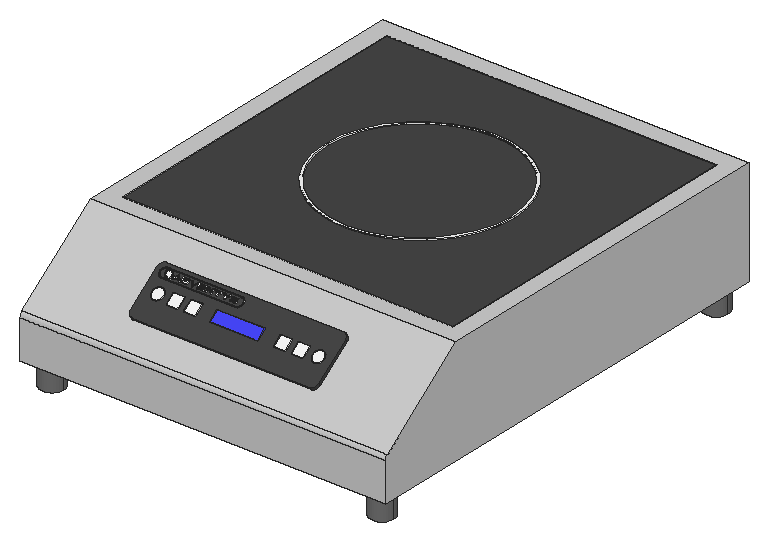
Revit family "QF_ADVENTYS_GLN_3000_250902082754", category Specialty Equipment, Revit 2021
Family settings
  Round Connector Dimension = Use Diameter
  Part Type = Normal
  OmniClass Number = 23.40.40.14
  OmniClass Title = Food Service Equipment
  Work Plane-Based = No
  Always vertical = Yes
  Cut with Voids When Loaded = No
  Shared = No
  Room Calculation Point = No
Parameters (values of type "ADV1869")
  Weight in Pounds [instance] = 0
  Weight = 4.40 kg
  Warranty Start Date [instance] = ""
  Warranty Duration [instance] = ""
  Volts [instance] = 230 V
  URL Recommended Spares List = ""
  URL Manufacturer = ""
  URL Cutsheet = ""
  URL Critical Spares List = ""
  URL = "www.adventys.com"
  Tag Number [instance] = ""
  Status [instance] = ""
  Specification by User [instance] = ""
  Specification by Manufacturer [instance] = ""
  Sound Level [instance] = ""
  Solid Fuel Type [instance] = ""
  Service Life Duration [instance] = ""
  Serial Number [instance] = ""
  Seismic Rating [instance] = ""
  SMACNA No [instance] = ""
  Revision Code [instance] = ""
  Revision [instance] = ""
  Production Year [instance] = ""
  Point Load [instance] = 0
  Phase [instance] = 1
  Other Equipment Approvals [instance] = ""
  Number of Poles [instance] = 2
  NAFEM Spec ID Number [instance] = ""
  Model Warning [instance] = ""
  Model = "GLN 3000"
  Min Ckt Ampacity [instance] = 0 A
  Max Overcurrent Protection [instance] = 16 A
  Masterspec [instance] = ""
  Manufacturer = "ADVENTYS"
  Length Actual = 310 mm
  Item Number [instance] = ""
  Installed By [instance] = ""
  Installation Date [instance] = ""
  Identify Quantity as Lot [instance] = no
  ID [instance] = ""
  Hygiene Approval [instance] = ""
  Hot Water Consumption = 0.0 L/s
  Height Actual = 110 mm
  HP power [instance] = ""
  Furnished By [instance] = ""
  Foodservice Equipment Identifier [instance] = no
  FL Amps [instance] = 13 A
  Electrical Remarks [instance] = ""
  Electric power [instance] = 0 W
  Electric Connection Type [instance] = ""
  Elec Conn RI Height [instance] = 0 mm
  Elec Conn Connection Height [instance] = 0 mm
  ETL Approved [instance] = no
  Description = "1 ZONE UNIT – FREESTANDING INDUCTION COOKING APPLIANCE-3000W"
  Depth Actual = 385 mm
  Default Elevation = 0 mm
  Cycle [instance] = 50 Hz
  Cost = 0
  Conn Plug [instance] = ""
  Conn Conduit [instance] = no
  CSI MasterFormat [instance] = ""
  CE Approved [instance] = no
  Barcode [instance] = 0
  Author [instance] = ""
  Asset Identifier [instance] = ""
  Apparent Power [instance] = 3000 VA
  Accessory = no
Reference planes
  plane 1 "Center (Front/Back)": y = 0
  plane 2: z = 0
  plane 3 "Center (Left/Right)": x = 0
Forms (mm)
  Extrusion 1, solid, not visible
    sketch origin (155.008, -15.001, 20.001) x (1, 0, 0) y (0, 1, 0)
      loop
        line (-2, 2) -> (-2, -2) -> (2, -2) -> (2, 2) -> (-2, 2)
    from -2 to 2
Dimensions and locks
  locked: nested 2 to Extrusion 1 at 2  (x2)
  aligned and locked: level to plane 2
Nested families
  nested 1: "QF_ADVENTYS_ADV1869_2916" at (0, 0, 0), type "ADV1869"
    with Status "", Show Logo yes, Show Clearance yes
  nested 2: "CONN_POINT_ELE_2D___Generic_Annotation" at (155.008, -15.001, 18.001), type "CONN_POINT_ELE_2D___Generic_Annotation"
    with Onboard connection annotation symbol visibility yes
Connectors
  electrical at (155.008, -15.001, 18.001), driven by "Apparent Power", driven by "Number of Poles", driven by "Volts"
    settings: on Extrusion 1, index 1, voltage 230 V, apparent load 0 VA, apparent load phase1 3000 VA, apparent load phase2 0 VA, apparent load phase3 0 VA, power factor 1, load classification "Other", number of poles 2, system type 31, power factor state 1, is connector primary yes, connector utility no, sub classification motor no, connector description "Electrical connection for GLN 3000"
Definition of nested family "QF_ADVENTYS_ADV1869_2916"
  Parameters (values of type "ADV1870")
    URL = "www.adventys.com"
    Status [instance] = ""
    Show Logo [instance] = yes
    Show Clearance [instance] = yes
    Model = "GLN 2500 PASTRY"
    Manufacturer = "ADVENTYS"
    Description = "1 ZONE UNIT – FREESTANDING INDUCTION COOKING APPLIANCE-2500W"
    Default Elevation = 0 mm
    Author = "SPECIFI"
    Assembly Code = "E1090320"
  Types (3, lengths in mm): name | Model | Description
    ADV1702 | "GLN 3500" | "1 ZONE UNIT – FREESTANDING INDUCTION COOKING APPLIANCE-3500W"
    ADV1870 | "GLN 2500 PASTRY" | "1 ZONE UNIT – FREESTANDING INDUCTION COOKING APPLIANCE-2500W"
    ADV1869 | "GLN 3000" | "1 ZONE UNIT – FREESTANDING INDUCTION COOKING APPLIANCE-3000W"
  Reference planes
    plane 1 "Back": y = 0
    plane 2: z = 0
    plane 3 "Left": x = 0
    plane 4 "Right": x = 310
    plane 5 "Front": y = -385
    plane 6 "Top": z = 110
    plane 7: x = 155
    plane 8: y = -155
  Forms (mm)
    Extrusion 1, solid
      sketch origin (0, 0, 0) x (1, 0, 0) y (0, 1, 0)
        loop
          line (0, 0) -> (0, -310) -> (310, -310) -> (310, 0) -> (0, 0)
        loop
          line (15, -15) -> (15, -295) -> (295, -295) -> (295, -15) -> (15, -15)
      from 20 to 110
    Extrusion 2, solid
      sketch origin (0, 0, 0) x (1, 0, 0) y (0, 1, 0)
        loop
          line (15, -15) -> (15, -295) -> (295, -295) -> (295, -15) -> (15, -15)
      from 101.726 to 110
    Extrusion 3, solid
      sketch origin (0, 0, -19.538) x (1, 0, 0) y (0, 1, 0)
        loop
          circle (155, -155) r 80
        loop
          circle (155, -155) r 78
      from 128 to 130
    Extrusion 4, solid
      sketch origin (0, 0, 0) x (0, 1, 0) y (0, 0, 1)
        loop
          line (-310, 20) -> (-310, 110) -> (-382.957, 56.498)
          arc (-382.957, 56.498) -> (-384.46, 54.726) -> (-385, 52.466) r 5
          line (-385, 52.466) -> (-385, 20) -> (-310, 20)
      from 0 to 310
    Extrusion 5, solid
      sketch origin (0, 0, -81.726) x (1, 0, 0) y (0, 1, 0)
        loop
          line (15, -15) -> (15, -295) -> (295, -295) -> (295, -15) -> (15, -15)
      from 101.726 to 110
    Extrusion 6, solid
      sketch origin (0, 0, 0) x (1, 0, 0) y (0, 1, 0)
        loop
          circle (15, -15) r 10
        loop
          circle (295, -15) r 10
        loop
          circle (295, -370) r 10
        loop
          circle (15, -370) r 10
      from 0 to 20
    Extrusion 7, solid
      sketch origin (-4.081, 0, 0) x (0, 1, 0) y (0, 0, 1)
        loop
          line (0, 97.125) -> (0, 91.484) -> (5.641, 91.484)
          arc (5.641, 91.484) -> (3.989, 95.473) -> (0, 97.125) r 5.641
        loop
          line (0, 79.125) -> (0, 73.484) -> (5.641, 73.484)
          arc (5.641, 73.484) -> (3.989, 77.473) -> (0, 79.125) r 5.641
        loop
          line (0, 61.125) -> (0, 55.484) -> (5.641, 55.484)
          arc (5.641, 55.484) -> (3.989, 59.473) -> (0, 61.125) r 5.641
        loop
          line (0, 43.125) -> (0, 37.484) -> (5.641, 37.484)
          arc (5.641, 37.484) -> (3.989, 41.473) -> (0, 43.125) r 5.641
      from 140.518 to 177.644
    Extrusion 8, solid
      sketch origin (53.045, 0, 0) x (0, 1, 0) y (0, 0, 1)
        loop
          line (0, 97.125) -> (0, 91.484) -> (5.641, 91.484)
          arc (5.641, 91.484) -> (3.989, 95.473) -> (0, 97.125) r 5.641
        loop
          line (0, 79.125) -> (0, 73.484) -> (5.641, 73.484)
          arc (5.641, 73.484) -> (3.989, 77.473) -> (0, 79.125) r 5.641
        loop
          line (0, 61.125) -> (0, 55.484) -> (5.641, 55.484)
          arc (5.641, 55.484) -> (3.989, 59.473) -> (0, 61.125) r 5.641
        loop
          line (0, 43.125) -> (0, 37.484) -> (5.641, 37.484)
          arc (5.641, 37.484) -> (3.989, 41.473) -> (0, 43.125) r 5.641
      from 140.518 to 177.644
    Extrusion 9, solid
      sketch origin (110.172, 0, 0) x (0, 1, 0) y (0, 0, 1)
        loop
          line (0, 97.125) -> (0, 91.484) -> (5.641, 91.484)
          arc (5.641, 91.484) -> (3.989, 95.473) -> (0, 97.125) r 5.641
        loop
          line (0, 79.125) -> (0, 73.484) -> (5.641, 73.484)
          arc (5.641, 73.484) -> (3.989, 77.473) -> (0, 79.125) r 5.641
        loop
          line (0, 61.125) -> (0, 55.484) -> (5.641, 55.484)
          arc (5.641, 55.484) -> (3.989, 59.473) -> (0, 61.125) r 5.641
        loop
          line (0, 43.125) -> (0, 37.484) -> (5.641, 37.484)
          arc (5.641, 37.484) -> (3.989, 41.473) -> (0, 43.125) r 5.641
      from 140.518 to 177.644
    Extrusion 10, solid
      sketch origin (256.955, 0, 0) x (0, 1, 0) y (0, 0, -1)
        loop
          arc (0, -97.125) -> (3.989, -95.473) -> (5.641, -91.484) r 5.641
          line (5.641, -91.484) -> (0, -91.484) -> (0, -97.125)
        loop
          arc (0, -79.125) -> (3.989, -77.473) -> (5.641, -73.484) r 5.641
          line (5.641, -73.484) -> (0, -73.484) -> (0, -79.125)
        loop
          arc (0, -61.125) -> (3.989, -59.473) -> (5.641, -55.484) r 5.641
          line (5.641, -55.484) -> (0, -55.484) -> (0, -61.125)
        loop
          arc (0, -43.125) -> (3.989, -41.473) -> (5.641, -37.484) r 5.641
          line (5.641, -37.484) -> (0, -37.484) -> (0, -43.125)
      from 140.518 to 177.644
    Extrusion 11, solid
      sketch origin (199.828, 0, 0) x (0, 1, 0) y (0, 0, -1)
        loop
          arc (0, -97.125) -> (3.989, -95.473) -> (5.641, -91.484) r 5.641
          line (5.641, -91.484) -> (0, -91.484) -> (0, -97.125)
        loop
          arc (0, -79.125) -> (3.989, -77.473) -> (5.641, -73.484) r 5.641
          line (5.641, -73.484) -> (0, -73.484) -> (0, -79.125)
        loop
          arc (0, -61.125) -> (3.989, -59.473) -> (5.641, -55.484) r 5.641
          line (5.641, -55.484) -> (0, -55.484) -> (0, -61.125)
        loop
          arc (0, -43.125) -> (3.989, -41.473) -> (5.641, -37.484) r 5.641
          line (5.641, -37.484) -> (0, -37.484) -> (0, -43.125)
      from 140.518 to 177.644
    Extrusion 12, solid
      sketch origin (0, 0, 0) x (1, 0, 0) y (0, 1, 0)
        loop
          circle (155, -15) r 10
      from 17.922 to 20
    Extrusion 13, solid
      sketch origin (0, 16.725, 172.268) x (1, 0, 0) y (0, 0.806405, 0.591364)
        loop
          arc (80, -323.032) -> (76.464, -324.496) -> (75, -328.032) r 5
          line (75, -328.032) -> (75, -363.032)
          arc (75, -363.032) -> (76.464, -366.568) -> (80, -368.032) r 5
          line (80, -368.032) -> (230, -368.032)
          arc (230, -368.032) -> (233.536, -366.568) -> (235, -363.032) r 5
          line (235, -363.032) -> (235, -328.032)
          arc (235, -328.032) -> (233.536, -324.496) -> (230, -323.032) r 5
          line (230, -323.032) -> (80, -323.032)
        loop
          circle (86.885, -345.532) r 5
        loop
          line (96.885, -341.532) -> (96.885, -349.532)
          arc (96.885, -349.532) -> (97.178, -350.239) -> (97.885, -350.532) r 1
          line (97.885, -350.532) -> (105.885, -350.532)
          arc (105.885, -350.532) -> (106.592, -350.239) -> (106.885, -349.532) r 1
          line (106.885, -349.532) -> (106.885, -341.532)
          arc (106.885, -341.532) -> (106.592, -340.825) -> (105.885, -340.532) r 1
          line (105.885, -340.532) -> (97.885, -340.532)
          arc (97.885, -340.532) -> (97.178, -340.825) -> (96.885, -341.532) r 1
        loop
          line (111.885, -341.532) -> (111.885, -349.532)
          arc (111.885, -349.532) -> (112.178, -350.239) -> (112.885, -350.532) r 1
          line (112.885, -350.532) -> (120.885, -350.532)
          arc (120.885, -350.532) -> (121.592, -350.239) -> (121.885, -349.532) r 1
          line (121.885, -349.532) -> (121.885, -341.532)
          arc (121.885, -341.532) -> (121.592, -340.825) -> (120.885, -340.532) r 1
          line (120.885, -340.532) -> (112.885, -340.532)
          arc (112.885, -340.532) -> (112.178, -340.825) -> (111.885, -341.532) r 1
        loop
          circle (223.115, -345.532) r 5
        loop
          arc (213.115, -341.532) -> (212.822, -340.825) -> (212.115, -340.532) r 1
          line (212.115, -340.532) -> (204.115, -340.532)
          arc (204.115, -340.532) -> (203.408, -340.825) -> (203.115, -341.532) r 1
          line (203.115, -341.532) -> (203.115, -349.532)
          arc (203.115, -349.532) -> (203.408, -350.239) -> (204.115, -350.532) r 1
          line (204.115, -350.532) -> (212.115, -350.532)
          arc (212.115, -350.532) -> (212.822, -350.239) -> (213.115, -349.532) r 1
          line (213.115, -349.532) -> (213.115, -341.532)
        loop
          arc (198.115, -341.532) -> (197.822, -340.825) -> (197.115, -340.532) r 1
          line (197.115, -340.532) -> (189.115, -340.532)
          arc (189.115, -340.532) -> (188.408, -340.825) -> (188.115, -341.532) r 1
          line (188.115, -341.532) -> (188.115, -349.532)
          arc (188.115, -349.532) -> (188.408, -350.239) -> (189.115, -350.532) r 1
          line (189.115, -350.532) -> (197.115, -350.532)
          arc (197.115, -350.532) -> (197.822, -350.239) -> (198.115, -349.532) r 1
          line (198.115, -349.532) -> (198.115, -341.532)
        loop
          line (134.135, -340.532) -> (134.135, -350.532) -> (174.814, -350.532) -> (174.814, -340.532) -> (134.135, -340.532)
      from 143 to 145
    Extrusion 14, solid
      sketch origin (0, 16.725, 172.268) x (1, 0, 0) y (0, 0.806405, 0.591364)
        loop
          circle (86.885, -345.532) r 5
        loop
          arc (97.885, -340.532) -> (97.178, -340.825) -> (96.885, -341.532) r 1
          line (96.885, -341.532) -> (96.885, -349.532)
          arc (96.885, -349.532) -> (97.178, -350.239) -> (97.885, -350.532) r 1
          line (97.885, -350.532) -> (105.885, -350.532)
          arc (105.885, -350.532) -> (106.592, -350.239) -> (106.885, -349.532) r 1
          line (106.885, -349.532) -> (106.885, -341.532)
          arc (106.885, -341.532) -> (106.592, -340.825) -> (105.885, -340.532) r 1
          line (105.885, -340.532) -> (97.885, -340.532)
        loop
          arc (112.885, -340.532) -> (112.178, -340.825) -> (111.885, -341.532) r 1
          line (111.885, -341.532) -> (111.885, -349.532)
          arc (111.885, -349.532) -> (112.178, -350.239) -> (112.885, -350.532) r 1
          line (112.885, -350.532) -> (120.885, -350.532)
          arc (120.885, -350.532) -> (121.592, -350.239) -> (121.885, -349.532) r 1
          line (121.885, -349.532) -> (121.885, -341.532)
          arc (121.885, -341.532) -> (121.592, -340.825) -> (120.885, -340.532) r 1
          line (120.885, -340.532) -> (112.885, -340.532)
        loop
          circle (223.115, -345.532) r 5
        loop
          line (212.115, -340.532) -> (204.115, -340.532)
          arc (204.115, -340.532) -> (203.408, -340.825) -> (203.115, -341.532) r 1
          line (203.115, -341.532) -> (203.115, -349.532)
          arc (203.115, -349.532) -> (203.408, -350.239) -> (204.115, -350.532) r 1
          line (204.115, -350.532) -> (212.115, -350.532)
          arc (212.115, -350.532) -> (212.822, -350.239) -> (213.115, -349.532) r 1
          line (213.115, -349.532) -> (213.115, -341.532)
          arc (213.115, -341.532) -> (212.822, -340.825) -> (212.115, -340.532) r 1
        loop
          line (197.115, -340.532) -> (189.115, -340.532)
          arc (189.115, -340.532) -> (188.408, -340.825) -> (188.115, -341.532) r 1
          line (188.115, -341.532) -> (188.115, -349.532)
          arc (188.115, -349.532) -> (188.408, -350.239) -> (189.115, -350.532) r 1
          line (189.115, -350.532) -> (197.115, -350.532)
          arc (197.115, -350.532) -> (197.822, -350.239) -> (198.115, -349.532) r 1
          line (198.115, -349.532) -> (198.115, -341.532)
          arc (198.115, -341.532) -> (197.822, -340.825) -> (197.115, -340.532) r 1
      from 143 to 145
    Extrusion 15, solid, visible <- "Show Logo"
      sketch origin (-4.557, 111.078, 202.063) x (1, 0, 0) y (0, 0.806405, 0.591364)
        loop
          arc (88.581, -421.313) -> (88.113, -421.507) -> (87.92, -421.974) r 0.661
          line (87.92, -421.974) -> (87.92, -423.61)
          arc (87.92, -423.61) -> (88.124, -424.087) -> (88.609, -424.27) r 0.661
          line (88.609, -424.27) -> (88.609, -423.032)
          arc (88.609, -423.032) -> (88.952, -422.351) -> (89.662, -422.077) r 1.058
          line (89.662, -422.077) -> (92.486, -422.077)
          arc (92.486, -422.077) -> (92.335, -421.544) -> (91.833, -421.313) r 0.661
          line (91.833, -421.313) -> (88.581, -421.313)
        loop
          arc (88.581, -420.916) -> (87.833, -421.226) -> (87.523, -421.974) r 1.058
          line (87.523, -421.974) -> (87.523, -423.61)
          arc (87.523, -423.61) -> (87.843, -424.368) -> (88.609, -424.667) r 1.058
          arc (88.609, -424.667) -> (88.88, -425.483) -> (89.667, -425.828) r 1.058
          arc (89.667, -425.828) -> (89.974, -426.583) -> (90.725, -426.896) r 1.058
          line (90.725, -426.896) -> (93.719, -426.896)
          arc (93.719, -426.896) -> (94.467, -426.586) -> (94.777, -425.838) r 1.058
          line (94.777, -425.838) -> (94.777, -424.306)
          arc (94.777, -424.306) -> (94.463, -423.554) -> (93.708, -423.248) r 1.058
          arc (93.708, -423.248) -> (93.515, -422.517) -> (92.883, -422.101) r 1.058
          arc (92.883, -422.101) -> (92.625, -421.273) -> (91.833, -420.916) r 1.058
          line (91.833, -420.916) -> (88.581, -420.916)
        loop
          arc (93.719, -426.499) -> (94.187, -426.306) -> (94.38, -425.838) r 0.661
          line (94.38, -425.838) -> (94.38, -424.306)
          arc (94.38, -424.306) -> (94.185, -423.837) -> (93.714, -423.645) r 0.661
          line (93.714, -423.645) -> (93.714, -424.77)
          arc (93.714, -424.77) -> (93.404, -425.518) -> (92.656, -425.828) r 1.058
          line (92.656, -425.828) -> (90.064, -425.828)
          arc (90.064, -425.828) -> (90.254, -426.302) -> (90.725, -426.499) r 0.661
          line (90.725, -426.499) -> (93.719, -426.499)
        loop
          arc (95.546, -425.156) -> (95.587, -425.684) -> (96.116, -425.67) r 0.384
          line (96.116, -425.67) -> (96.845, -424.94) -> (99.743, -424.94) -> (100.472, -425.67)
          arc (100.472, -425.67) -> (101.001, -425.684) -> (101.042, -425.156) r 0.384
          line (101.042, -425.156) -> (98.294, -421.762) -> (95.546, -425.156)
        loop
          line (98.294, -423.127) -> (97.364, -424.275) -> (99.224, -424.275) -> (98.294, -423.127)
        loop
          line (102.315, -421.827) -> (102.315, -425.732) -> (105.995, -425.732)
          arc (105.995, -425.732) -> (107.947, -423.78) -> (105.995, -421.827) r 1.953
          line (105.995, -421.827) -> (102.315, -421.827)
        loop
          line (105.995, -422.854) -> (103.343, -422.854) -> (103.343, -424.705) -> (105.995, -424.705)
          arc (105.995, -424.705) -> (106.92, -423.78) -> (105.995, -422.854) r 0.925
        loop
          arc (109.84, -422.053) -> (109.312, -422.039) -> (109.27, -422.566) r 0.384
          line (109.27, -422.566) -> (112.019, -425.961) -> (114.767, -422.566)
          arc (114.767, -422.566) -> (114.725, -422.039) -> (114.197, -422.053) r 0.384
          line (114.197, -422.053) -> (112.019, -424.743) -> (109.84, -422.053)
        loop
          line (121.269, -421.781) -> (116.07, -421.781) -> (116.07, -425.732) -> (121.269, -425.732)
          arc (121.269, -425.732) -> (121.671, -425.331) -> (121.269, -424.93) r 0.401
          line (121.269, -424.93) -> (116.972, -424.93) -> (116.972, -424.139) -> (121.269, -424.139)
          arc (121.269, -424.139) -> (121.633, -423.775) -> (121.269, -423.412) r 0.363
          line (121.269, -423.412) -> (116.972, -423.412) -> (116.972, -422.583) -> (121.269, -422.583)
          arc (121.269, -422.583) -> (121.671, -422.182) -> (121.269, -421.781) r 0.401
        loop
          line (122.879, -422.331) -> (122.879, -425.274)
          arc (122.879, -425.274) -> (123.306, -425.701) -> (123.733, -425.274) r 0.427
          line (123.733, -425.274) -> (123.733, -423.122) -> (127.538, -425.5)
          arc (127.538, -425.5) -> (128.155, -425.516) -> (128.468, -424.984) r 0.608
          line (128.468, -424.984) -> (128.468, -422.254)
          arc (128.468, -422.254) -> (128.018, -421.804) -> (127.568, -422.254) r 0.45
          line (127.568, -422.254) -> (127.568, -424.337) -> (123.663, -421.897)
          arc (123.663, -421.897) -> (123.143, -421.883) -> (122.879, -422.331) r 0.513
        loop
          arc (130.273, -421.857) -> (129.778, -422.352) -> (130.273, -422.846) r 0.494
          line (130.273, -422.846) -> (132.065, -422.846) -> (132.065, -425.082)
          arc (132.065, -425.082) -> (132.54, -425.558) -> (133.016, -425.082) r 0.475
          line (133.016, -425.082) -> (133.016, -422.846) -> (134.724, -422.846)
          arc (134.724, -422.846) -> (135.218, -422.352) -> (134.724, -421.857) r 0.494
          line (134.724, -421.857) -> (130.273, -421.857)
        loop
          line (139.461, -423.175) -> (137.5, -421.853)
          arc (137.5, -421.853) -> (136.836, -421.982) -> (136.965, -422.646) r 0.479
          line (136.965, -422.646) -> (138.926, -423.969) -> (138.926, -425.108)
          arc (138.926, -425.108) -> (139.461, -425.643) -> (139.997, -425.108) r 0.535
          line (139.997, -425.108) -> (139.997, -423.969) -> (141.958, -422.646)
          arc (141.958, -422.646) -> (142.087, -421.982) -> (141.423, -421.853) r 0.479
          line (141.423, -421.853) -> (139.461, -423.175)
        loop
          line (148.501, -421.857) -> (144.795, -421.857)
          arc (144.795, -421.857) -> (143.661, -422.991) -> (144.795, -424.125) r 1.134
          line (144.795, -424.125) -> (147.852, -424.125)
          arc (147.852, -424.125) -> (148.265, -424.538) -> (147.852, -424.951) r 0.413
          line (147.852, -424.951) -> (144.128, -424.951)
          arc (144.128, -424.951) -> (143.786, -425.292) -> (144.128, -425.634) r 0.342
          line (144.128, -425.634) -> (148.218, -425.634)
          arc (148.218, -425.634) -> (148.994, -424.394) -> (147.885, -423.44) r 1.122
          line (147.885, -423.44) -> (144.736, -423.44)
          arc (144.736, -423.44) -> (144.286, -422.99) -> (144.736, -422.541) r 0.45
          line (144.736, -422.541) -> (148.501, -422.541)
          arc (148.501, -422.541) -> (148.843, -422.199) -> (148.501, -421.857) r 0.342
        loop
          arc (87.442, -420.162) -> (83.674, -423.931) -> (87.442, -427.699) r 3.769
          line (87.442, -427.699) -> (150.103, -427.699)
          arc (150.103, -427.699) -> (153.872, -423.931) -> (150.103, -420.162) r 3.769
          line (150.103, -420.162) -> (87.442, -420.162)
        loop
          arc (87.442, -419.771) -> (83.283, -423.931) -> (87.442, -428.091) r 4.16
          line (87.442, -428.091) -> (150.103, -428.091)
          arc (150.103, -428.091) -> (154.263, -423.931) -> (150.103, -419.771) r 4.16
          line (150.103, -419.771) -> (87.442, -419.771)
      from 176.77 to 176.97
    Extrusion 16, solid
      sketch origin (17.5, 16.725, 172.268) x (1, 0, 0) y (0, 0.806405, 0.591364)
        loop
          line (116.635, -340.532) -> (116.635, -350.532) -> (157.314, -350.532) -> (157.314, -340.532) -> (116.635, -340.532)
      from 143 to 145
  Cuts and joins
    joined: Extrusion 1, Extrusion 4
  Lines and regions (mm)
    symbolic lines
      curve 1: line (310, 0, 0) -> (0, 0, 0)
      curve 2: line (0, 0, 0) -> (0, -385, 0)
      curve 3: line (310, -385, 0) -> (310, 0, 0)
      curve 4: line (0, -385, 0) -> (310, -385, 0)
      curve 5: circle (155, -155, 0) r 78 normal (0, 0, -1)
      curve 6: line (310, -310, 0) -> (0, -310, 0)
      curve 7: line (15, -15, 0) -> (15, -295, 0)
      curve 8: line (295, -15, 0) -> (15, -15, 0)
      curve 9: line (295, -295, 0) -> (295, -15, 0)
      curve 10: line (15, -295, 0) -> (295, -295, 0)
      curve 11: line (235, -361.773, 0) -> (235, -333.549, 0)
      curve 12: spline (230, -365.805, 0) -> (230.653, -365.771, 0) -> (231.294, -365.668, 0) -> (231.913, -365.498, 0) -> (232.5, -365.265, 0) -> (233.044, -364.972, 0) -> (233.536, -364.624, 0) -> (233.967, -364.228, 0) -> (234.33, -363.789, 0) -> (234.619, -363.316, 0) -> (234.83, -362.817, 0) -> (234.957, -362.3, 0) -> (235, -361.773, 0)
      curve 13: line (80, -365.805, 0) -> (230, -365.805, 0)
      curve 14: spline (75, -361.773, 0) -> (75.043, -362.3, 0) -> (75.17, -362.817, 0) -> (75.381, -363.316, 0) -> (75.67, -363.789, 0) -> (76.033, -364.228, 0) -> (76.464, -364.624, 0) -> (76.956, -364.972, 0) -> (77.5, -365.265, 0) -> (78.087, -365.498, 0) -> (78.706, -365.668, 0) -> (79.347, -365.771, 0) -> (80, -365.805, 0)
      curve 15: line (75, -333.549, 0) -> (75, -361.773, 0)
      curve 16: spline (80, -329.517, 0) -> (79.347, -329.552, 0) -> (78.706, -329.654, 0) -> (78.087, -329.824, 0) -> (77.5, -330.057, 0) -> (76.956, -330.35, 0) -> (76.464, -330.698, 0) -> (76.033, -331.095, 0) -> (75.67, -331.533, 0) -> (75.381, -332.006, 0) -> (75.17, -332.505, 0) -> (75.043, -333.023, 0) -> (75, -333.549, 0)
      curve 17: line (230, -329.517, 0) -> (80, -329.517, 0)
      curve 18: spline (235, -333.549, 0) -> (234.957, -333.023, 0) -> (234.83, -332.505, 0) -> (234.619, -332.006, 0) -> (234.33, -331.533, 0) -> (233.967, -331.095, 0) -> (233.536, -330.698, 0) -> (233.044, -330.35, 0) -> (232.5, -330.057, 0) -> (231.913, -329.824, 0) -> (231.294, -329.654, 0) -> (230.653, -329.552, 0) -> (230, -329.517, 0)
      curve 19: spline (228.115, -347.661, 0) -> (227.945, -346.618, 0) -> (227.445, -345.645, 0) -> (226.651, -344.81, 0) -> (225.615, -344.169, 0) -> (224.409, -343.766, 0) -> (223.115, -343.629, 0) -> (221.821, -343.766, 0) -> (220.615, -344.169, 0) -> (219.58, -344.81, 0) -> (218.785, -345.645, 0) -> (218.286, -346.618, 0) -> (218.115, -347.661, 0)
      curve 20: spline (218.115, -347.661, 0) -> (218.286, -348.705, 0) -> (218.785, -349.677, 0) -> (219.58, -350.512, 0) -> (220.615, -351.153, 0) -> (221.821, -351.556, 0) -> (223.115, -351.693, 0) -> (224.409, -351.556, 0) -> (225.615, -351.153, 0) -> (226.651, -350.512, 0) -> (227.445, -349.677, 0) -> (227.945, -348.705, 0) -> (228.115, -347.661, 0)
      curve 21: line (213.115, -350.887, 0) -> (213.115, -344.436, 0)
      curve 22: line (212.115, -343.629, 0) -> (204.115, -343.629, 0)
      curve 23: line (203.115, -344.436, 0) -> (203.115, -350.887, 0)
      curve 24: line (204.115, -351.693, 0) -> (212.115, -351.693, 0)
      curve 25: spline (204.115, -351.693, 0) -> (203.985, -351.686, 0) -> (203.857, -351.666, 0) -> (203.733, -351.632, 0) -> (203.615, -351.585, 0) -> (203.507, -351.527, 0) -> (203.408, -351.457, 0) -> (203.322, -351.378, 0) -> (203.249, -351.29, 0) -> (203.191, -351.195, 0) -> (203.149, -351.095, 0) -> (203.124, -350.992, 0) -> (203.115, -350.887, 0)
      curve 26: spline (213.115, -344.436, 0) -> (213.107, -344.33, 0) -> (213.081, -344.227, 0) -> (213.039, -344.127, 0) -> (212.981, -344.032, 0) -> (212.909, -343.945, 0) -> (212.822, -343.865, 0) -> (212.724, -343.796, 0) -> (212.615, -343.737, 0) -> (212.498, -343.69, 0) -> (212.374, -343.657, 0) -> (212.246, -343.636, 0) -> (212.115, -343.629, 0)
      curve 27: spline (212.115, -351.693, 0) -> (212.246, -351.686, 0) -> (212.374, -351.666, 0) -> (212.498, -351.632, 0) -> (212.615, -351.585, 0) -> (212.724, -351.527, 0) -> (212.822, -351.457, 0) -> (212.909, -351.378, 0) -> (212.981, -351.29, 0) -> (213.039, -351.195, 0) -> (213.081, -351.095, 0) -> (213.107, -350.992, 0) -> (213.115, -350.887, 0)
      curve 28: spline (203.115, -344.436, 0) -> (203.124, -344.33, 0) -> (203.149, -344.227, 0) -> (203.191, -344.127, 0) -> (203.249, -344.032, 0) -> (203.322, -343.945, 0) -> (203.408, -343.865, 0) -> (203.507, -343.796, 0) -> (203.615, -343.737, 0) -> (203.733, -343.69, 0) -> (203.857, -343.657, 0) -> (203.985, -343.636, 0) -> (204.115, -343.629, 0)
      curve 29: line (198.115, -350.887, 0) -> (198.115, -344.436, 0)
      curve 30: line (197.115, -343.629, 0) -> (189.115, -343.629, 0)
      curve 31: line (188.115, -344.436, 0) -> (188.115, -350.887, 0)
      curve 32: line (189.115, -351.693, 0) -> (197.115, -351.693, 0)
      curve 33: spline (189.115, -351.693, 0) -> (188.985, -351.686, 0) -> (188.857, -351.666, 0) -> (188.733, -351.632, 0) -> (188.615, -351.585, 0) -> (188.507, -351.527, 0) -> (188.408, -351.457, 0) -> (188.322, -351.378, 0) -> (188.249, -351.29, 0) -> (188.191, -351.195, 0) -> (188.149, -351.095, 0) -> (188.124, -350.992, 0) -> (188.115, -350.887, 0)
      curve 34: spline (198.115, -344.436, 0) -> (198.107, -344.33, 0) -> (198.081, -344.227, 0) -> (198.039, -344.127, 0) -> (197.981, -344.032, 0) -> (197.909, -343.945, 0) -> (197.822, -343.865, 0) -> (197.724, -343.796, 0) -> (197.615, -343.737, 0) -> (197.498, -343.69, 0) -> (197.374, -343.657, 0) -> (197.246, -343.636, 0) -> (197.115, -343.629, 0)
      curve 35: spline (197.115, -351.693, 0) -> (197.246, -351.686, 0) -> (197.374, -351.666, 0) -> (197.498, -351.632, 0) -> (197.615, -351.585, 0) -> (197.724, -351.527, 0) -> (197.822, -351.457, 0) -> (197.909, -351.378, 0) -> (197.981, -351.29, 0) -> (198.039, -351.195, 0) -> (198.081, -351.095, 0) -> (198.107, -350.992, 0) -> (198.115, -350.887, 0)
      curve 36: spline (188.115, -344.436, 0) -> (188.124, -344.33, 0) -> (188.149, -344.227, 0) -> (188.191, -344.127, 0) -> (188.249, -344.032, 0) -> (188.322, -343.945, 0) -> (188.408, -343.865, 0) -> (188.507, -343.796, 0) -> (188.615, -343.737, 0) -> (188.733, -343.69, 0) -> (188.857, -343.657, 0) -> (188.985, -343.636, 0) -> (189.115, -343.629, 0)
      curve 37: spline (81.885, -347.661, 0) -> (82.055, -346.618, 0) -> (82.555, -345.645, 0) -> (83.349, -344.81, 0) -> (84.385, -344.169, 0) -> (85.591, -343.766, 0) -> (86.885, -343.629, 0) -> (88.179, -343.766, 0) -> (89.385, -344.169, 0) -> (90.42, -344.81, 0) -> (91.215, -345.645, 0) -> (91.714, -346.618, 0) -> (91.885, -347.661, 0)
      curve 38: spline (91.885, -347.661, 0) -> (91.714, -348.705, 0) -> (91.215, -349.677, 0) -> (90.42, -350.512, 0) -> (89.385, -351.153, 0) -> (88.179, -351.556, 0) -> (86.885, -351.693, 0) -> (85.591, -351.556, 0) -> (84.385, -351.153, 0) -> (83.349, -350.512, 0) -> (82.555, -349.677, 0) -> (82.055, -348.705, 0) -> (81.885, -347.661, 0)
      curve 39: line (96.885, -350.887, 0) -> (96.885, -344.436, 0)
      curve 40: line (97.885, -343.629, 0) -> (105.885, -343.629, 0)
      curve 41: line (106.885, -344.436, 0) -> (106.885, -350.887, 0)
      curve 42: line (105.885, -351.693, 0) -> (97.885, -351.693, 0)
      curve 43: spline (105.885, -351.693, 0) -> (106.015, -351.686, 0) -> (106.143, -351.666, 0) -> (106.267, -351.632, 0) -> (106.385, -351.585, 0) -> (106.493, -351.527, 0) -> (106.592, -351.457, 0) -> (106.678, -351.378, 0) -> (106.751, -351.29, 0) -> (106.809, -351.195, 0) -> (106.851, -351.095, 0) -> (106.876, -350.992, 0) -> (106.885, -350.887, 0)
      curve 44: spline (96.885, -344.436, 0) -> (96.893, -344.33, 0) -> (96.919, -344.227, 0) -> (96.961, -344.127, 0) -> (97.019, -344.032, 0) -> (97.091, -343.945, 0) -> (97.178, -343.865, 0) -> (97.276, -343.796, 0) -> (97.385, -343.737, 0) -> (97.502, -343.69, 0) -> (97.626, -343.657, 0) -> (97.754, -343.636, 0) -> (97.885, -343.629, 0)
      curve 45: spline (97.885, -351.693, 0) -> (97.754, -351.686, 0) -> (97.626, -351.666, 0) -> (97.502, -351.632, 0) -> (97.385, -351.585, 0) -> (97.276, -351.527, 0) -> (97.178, -351.457, 0) -> (97.091, -351.378, 0) -> (97.019, -351.29, 0) -> (96.961, -351.195, 0) -> (96.919, -351.095, 0) -> (96.893, -350.992, 0) -> (96.885, -350.887, 0)
      curve 46: spline (106.885, -344.436, 0) -> (106.876, -344.33, 0) -> (106.851, -344.227, 0) -> (106.809, -344.127, 0) -> (106.751, -344.032, 0) -> (106.678, -343.945, 0) -> (106.592, -343.865, 0) -> (106.493, -343.796, 0) -> (106.385, -343.737, 0) -> (106.267, -343.69, 0) -> (106.143, -343.657, 0) -> (106.015, -343.636, 0) -> (105.885, -343.629, 0)
      curve 47: line (111.885, -350.887, 0) -> (111.885, -344.436, 0)
      curve 48: line (112.885, -343.629, 0) -> (120.885, -343.629, 0)
      curve 49: line (121.885, -344.436, 0) -> (121.885, -350.887, 0)
      curve 50: line (120.885, -351.693, 0) -> (112.885, -351.693, 0)
      curve 51: spline (120.885, -351.693, 0) -> (121.015, -351.686, 0) -> (121.143, -351.666, 0) -> (121.267, -351.632, 0) -> (121.385, -351.585, 0) -> (121.493, -351.527, 0) -> (121.592, -351.457, 0) -> (121.678, -351.378, 0) -> (121.751, -351.29, 0) -> (121.809, -351.195, 0) -> (121.851, -351.095, 0) -> (121.876, -350.992, 0) -> (121.885, -350.887, 0)
      curve 52: spline (111.885, -344.436, 0) -> (111.893, -344.33, 0) -> (111.919, -344.227, 0) -> (111.961, -344.127, 0) -> (112.019, -344.032, 0) -> (112.091, -343.945, 0) -> (112.178, -343.865, 0) -> (112.276, -343.796, 0) -> (112.385, -343.737, 0) -> (112.502, -343.69, 0) -> (112.626, -343.657, 0) -> (112.754, -343.636, 0) -> (112.885, -343.629, 0)
      curve 53: spline (112.885, -351.693, 0) -> (112.754, -351.686, 0) -> (112.626, -351.666, 0) -> (112.502, -351.632, 0) -> (112.385, -351.585, 0) -> (112.276, -351.527, 0) -> (112.178, -351.457, 0) -> (112.091, -351.378, 0) -> (112.019, -351.29, 0) -> (111.961, -351.195, 0) -> (111.919, -351.095, 0) -> (111.893, -350.992, 0) -> (111.885, -350.887, 0)
      curve 54: spline (121.885, -344.436, 0) -> (121.876, -344.33, 0) -> (121.851, -344.227, 0) -> (121.809, -344.127, 0) -> (121.751, -344.032, 0) -> (121.678, -343.945, 0) -> (121.592, -343.865, 0) -> (121.493, -343.796, 0) -> (121.385, -343.737, 0) -> (121.267, -343.69, 0) -> (121.143, -343.657, 0) -> (121.015, -343.636, 0) -> (120.885, -343.629, 0)
      curve 55: line (134.135, -343.629, 0) -> (134.135, -351.693, 0)
      curve 56: line (174.814, -343.629, 0) -> (174.814, -351.693, 0)
      curve 57: line (134.135, -343.629, 0) -> (174.814, -343.629, 0)
      curve 58: line (134.135, -351.693, 0) -> (174.814, -351.693, 0)
  Dimensions and locks
    aligned and locked: level to plane 2
Definition of nested family "CONN_POINT_ELE_2D___Generic_Annotation"
  Parameters (values of type "CONN_POINT_ELE_2D___Generic_Annotation")
    Onboard connection annotation symbol visibility [instance] = yes
  Reference planes
    plane 1: y = 0
    plane 2: x = 0
  Lines and regions (mm)
    detail lines, visible <- "Onboard connection annotation symbol visibility"
      curve 1: circle (0, 0, 0) r 0.5 normal (0, 0, 1)
      curve 2: line (-1, 0, 0) -> (1, 0, 0)
      curve 3: line (0, 1, 0) -> (0, -1, 0)
      curve 4: line (2.5, 1, 0) -> (1.25, 1, 0)
      curve 5: line (1.25, 1, 0) -> (1.25, -1, 0)
      curve 6: line (1.25, -1, 0) -> (2.5, -1, 0)
      curve 7: line (1.25, 0, 0) -> (2, 0, 0)
